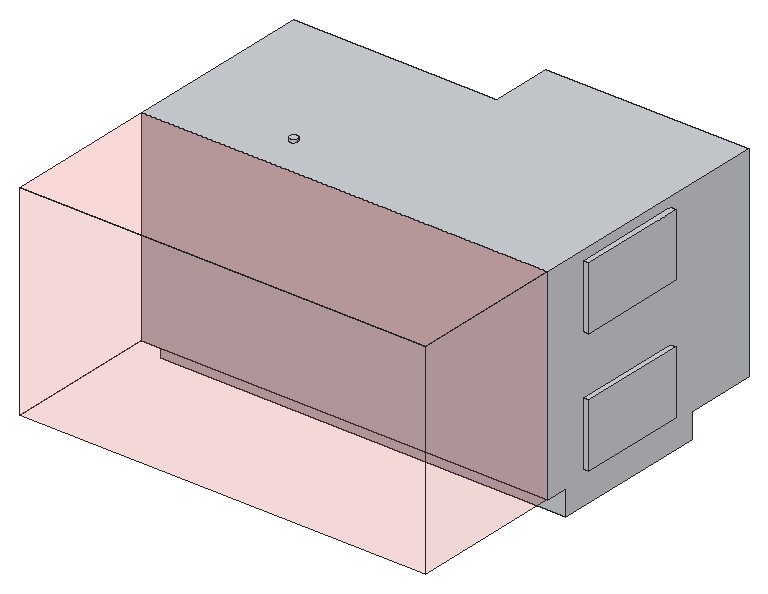
Revit family
Parameters (values of type "575 V Three Phase")
  XS4 [instance] = "XS4"
  XS3 [instance] = "XS3"
  XP5 [instance] = "XP5"
  XP3 [instance] = "XP3"
  XH5 [instance] = "XH5"
  XH3 [instance] = "XH3"
  XD4 [instance] = "XD4"
  XD3 [instance] = "XD3"
  XB4 [instance] = "XB4"
  XB3 [instance] = "XB3"
  Winter Exhaust RH Scheduled [instance] = 35
  Winter Exhaust DB Scheduled [instance] = 70
  Weight Scheduled [instance] = 1100
  Voltage Workaround = Voltage / 1 V  # 575
  Voltage Scheduled = Voltage  # 575 V
  Voltage = 575 V
  VoltAmps Workaround [instance] = Voltage Workaround * Total FLA * sqrt(Phase)  # 6373.947
  VoltAmps [instance] = VoltAmps Workaround * 1 VA  # 6373.95 VA
  URL = "http://www.renewaire.com/products/doas/indoor-models/rd2xin"
  Total FLA [instance] = Supply Motor FLA + Exhaust Motor FLA  # 6.4
  Supply Motor HP Scheduled [instance] = Supply Motor HP  # 2
  Supply Motor HP [instance] = 2  # constant formula
  Supply Motor FLA [instance] = if(and(or(Voltage = 208 V, Voltage = 230 V), Phase = 1), 9.5, if(and(or(Voltage = 208 V, Voltage = 230 V), Phase = 3), 8.1, if(and(Voltage = 460 V, Phase = 3), 4.1, if(and(Voltage = 575 V, Phase = 3), 3.2, 0))))  # 3.2
  Supply Motor Count Scheduled [instance] = Supply Motor Count  # 1
  Supply Motor Count [instance] = 1  # constant formula
  Supply ESP Scheduled [instance] = Supply ESP  # 1
  Supply ESP [instance] = 1
  Supply CFM Scheduled [instance] = Supply CFM  # 1600 CFM
  Supply CFM [instance] = 1600 CFM
  Supply Air Winter WB Scheduled [instance] = 0
  Supply Air Winter RH Scheduled [instance] = 0
  Supply Air Winter DB Scheduled [instance] = 0
  Supply Air Summer WB Scheduled [instance] = 0
  Supply Air Summer RH Scheduled [instance] = 0
  Supply Air Summer DB Scheduled [instance] = 0
  Summer Exhaust RH Scheduled [instance] = 50
  Summer Exhaust DB Scheduled [instance] = 75
  SD5 [instance] = "SD5"
  SD4 [instance] = "SD4"
  SD3 [instance] = "SD3"
  SC5 [instance] = "SC5"
  SC4 [instance] = "SC4"
  SC3 [instance] = "SC3"
  Phase Scheduled = Phase  # 3
  Phase = 3
  Outside Air Winter WB Scheduled [instance] = -1
  Outside Air Winter DB Scheduled [instance] = 0
  Outside Air Summer WB Scheduled [instance] = 78
  Outside Air Summer DB Scheduled [instance] = 95
  Number of Poles = 3
  No Coil [instance] = "--"
  Model = "RD2XIN"
  Manufacturer = "RenewAire"
  MOCP Scheduled [instance] = MOCP  # 15
  MOCP [instance] = if(and(or(Voltage = 208 V, Voltage = 230 V), Phase = 1), 30, if(and(or(Voltage = 208 V, Voltage = 230 V), Phase = 3), 20, if(and(Voltage = 460 V, Phase = 3), 15, if(and(Voltage = 575 V, Phase = 3), 15, 0))))  # 15
  MCA Scheduled [instance] = MCA  # 7.2
  MCA [instance] = if(and(or(Voltage = 208 V, Voltage = 230 V), Phase = 1), 21.4, if(and(or(Voltage = 208 V, Voltage = 230 V), Phase = 3), 18.2, if(and(Voltage = 460 V, Phase = 3), 9.2, if(and(Voltage = 575 V, Phase = 3), 7.2, 0))))  # 7.2
  Heating Water EWT Scheduled [instance] = Heating Coil EWT  # 180
  Heating Coil Scheduled [instance] = if(Heat Coil XS4, XS4, if(Heat Coil XS3, XS3, if(Heat Coil XD3, XD3, if(Heat Coil XB4, XB4, if(Heat Coil DV4, DV4, if(Heat Coil XB3, XB3, if(Heat Coil DV3, DV3, if(Heat Coil SC5, SC5, if(Heat Coil SD5, SD5, if(Heat Coil SC4, SC4, if(Heat Coil SD4, SD4, if(Heat Coil SC3, SC3, if(Heat Coil SD3, SD3, if(Heat Coil HW1, HW1, No Coil))))))))))))))  # "--"
  Heating Coil PD Scheduled [instance] = if(and(and(Winter Exhaust DB Scheduled = 70, Winter Exhaust RH Scheduled = 35), and(Outside Air Winter WB Scheduled = -1, Outside Air Winter DB Scheduled = 0)), if(or(Heat Coil SC5, Heat Coil SD5), if(Heating Water EWT Scheduled = 140, if(Supply CFM > 2000 CFM, 0, if(Supply CFM > 1500 CFM, 0.9, if(Supply CFM > 1000 CFM, 0.4, 0.2))), if(Heating Water EWT Scheduled = 180, if(Supply CFM > 2000 CFM, 0, if(Supply CFM > 1500 CFM, 0.9, if(Supply CFM > 1000 CFM, 0.4, 0.2))), 0)), if(or(Heat Coil SC4, Heat Coil SD4), if(Heating Water EWT Scheduled = 140, if(Supply CFM > 2000 CFM, 0, if(Supply CFM > 1500 CFM, 0.8, if(Supply CFM > 1000 CFM, 0.4, 0.1))), if(Heating Water EWT Scheduled = 180, if(Supply CFM > 2000 CFM, 0, if(Supply CFM > 1500 CFM, 0.7, if(Supply CFM > 1000 CFM, 0.3, 0.1))), 0)), if(or(Heat Coil SC3, Heat Coil SD3), if(Heating Water EWT Scheduled = 140, if(Supply CFM > 2000 CFM, 0, if(Supply CFM > 1500 CFM, 2.8, if(Supply CFM > 1000 CFM, 1.3, 0.5))), if(Heating Water EWT Scheduled = 180, if(Supply CFM > 2000 CFM, 0, if(Supply CFM > 1500 CFM, 2.7, if(Supply CFM > 1000 CFM, 1.3, 0.5))), 0)), if(Heat Coil HW1, if(Heating Water EWT Scheduled = 140, if(Supply CFM > 2000 CFM, 0, if(Supply CFM > 1500 CFM, 1.6, if(Supply CFM > 1000 CFM, 0.8, 0.3))), if(Heating Water EWT Scheduled = 180, if(Supply CFM > 2000 CFM, 0, if(Supply CFM > 1500 CFM, 1.6, if(Supply CFM > 1000 CFM, 0.8, 0.3))), 0)), 0)))), 0)  # 0
  Heating Coil Load Scheduled [instance] = if(and(and(Winter Exhaust DB Scheduled = 70, Winter Exhaust RH Scheduled = 35), and(Outside Air Winter WB Scheduled = -1, Outside Air Winter DB Scheduled = 0)), if(or(Heat Coil XS4, Heat Coil XD4), if(Supply CFM > 2000 CFM, 0, if(Supply CFM > 1500 CFM, 109, if(Supply CFM > 1000 CFM, 81, 59))), if(or(Heat Coil XS3, Heat Coil XD3), if(Supply CFM > 2000 CFM, 0, if(Supply CFM > 1500 CFM, 79, if(Supply CFM > 1000 CFM, 65, 48))), if(or(Heat Coil XB4, Heat Coil DV4), if(Supply CFM > 2000 CFM, 0, if(Supply CFM > 1500 CFM, 102, if(Supply CFM > 1000 CFM, 78, 56))), if(or(Heat Coil XB3, Heat Coil DV3), if(Supply CFM > 2000 CFM, 0, if(Supply CFM > 1500 CFM, 75, if(Supply CFM > 1000 CFM, 61, 46))), if(or(Heat Coil SC5, Heat Coil SD5), if(Heating Water EWT Scheduled = 140, if(Supply CFM > 2000 CFM, 0, if(Supply CFM > 1500 CFM, 151, if(Supply CFM > 1000 CFM, 107, 66))), if(Heating Water EWT Scheduled = 180, if(Supply CFM > 2000 CFM, 0, if(Supply CFM > 1500 CFM, 218, if(Supply CFM > 1000 CFM, 157, 99))), 0)), if(or(Heat Coil SC4, Heat Coil SD4), if(Heating Water EWT Scheduled = 140, if(Supply CFM > 2000 CFM, 0, if(Supply CFM > 1500 CFM, 139, if(Supply CFM > 1000 CFM, 99, 62))), if(Heating Water EWT Scheduled = 180, if(Supply CFM > 2000 CFM, 0, if(Supply CFM > 1500 CFM, 201, if(Supply CFM > 1000 CFM, 145, 92))), 0)), if(or(Heat Coil SC3, Heat Coil SD3), if(Heating Water EWT Scheduled = 140, if(Supply CFM > 2000 CFM, 0, if(Supply CFM > 1500 CFM, 130, if(Supply CFM > 1000 CFM, 94, 60))), if(Heating Water EWT Scheduled = 180, if(Supply CFM > 2000 CFM, 0, if(Supply CFM > 1500 CFM, 188, if(Supply CFM > 1000 CFM, 138, 89))), 0)), if(Heat Coil HW1, if(Heating Water EWT Scheduled = 140, if(Supply CFM > 2000 CFM, 0, if(Supply CFM > 1500 CFM, 75, if(Supply CFM > 1000 CFM, 58, 41))), if(Heating Water EWT Scheduled = 180, if(Supply CFM > 2000 CFM, 0, if(Supply CFM > 1500 CFM, 110, if(Supply CFM > 1000 CFM, 86, 61))), 0)), 0)))))))), 0)  # 0
  Heating Coil LWT [instance] = 0
  Heating Coil LAT Scheduled [instance] = if(and(and(Winter Exhaust DB Scheduled = 70, Winter Exhaust RH Scheduled = 35), and(Outside Air Winter WB Scheduled = -1, Outside Air Winter DB Scheduled = 0)), if(or(Heat Coil XS4, Heat Coil XD4), if(Supply CFM > 2000 CFM, 0, if(Supply CFM > 1500 CFM, 96, if(Supply CFM > 1000 CFM, 99.8, 107.6))), if(or(Heat Coil XS3, Heat Coil XD3), if(Supply CFM > 2000 CFM, 0, if(Supply CFM > 1500 CFM, 82.6, if(Supply CFM > 1000 CFM, 89.5, 98.1))), if(or(Heat Coil XB4, Heat Coil DV4), if(Supply CFM > 2000 CFM, 0, if(Supply CFM > 1500 CFM, 92.9, if(Supply CFM > 1000 CFM, 97.4, 105.4))), if(or(Heat Coil XB3, Heat Coil DV3), if(Supply CFM > 2000 CFM, 0, if(Supply CFM > 1500 CFM, 80.5, if(Supply CFM > 1000 CFM, 87.4, 96))), if(or(Heat Coil SC5, Heat Coil SD5), if(Heating Water EWT Scheduled = 140, if(Supply CFM > 2000 CFM, 0, if(Supply CFM > 1500 CFM, 115.4, if(Supply CFM > 1000 CFM, 115.3, 114.7))), if(Heating Water EWT Scheduled = 180, if(Supply CFM > 2000 CFM, 0, if(Supply CFM > 1500 CFM, 146.5, if(Supply CFM > 1000 CFM, 145.9, 144.5))), 0)), if(or(Heat Coil SC4, Heat Coil SD4), if(Heating Water EWT Scheduled = 140, if(Supply CFM > 2000 CFM, 0, if(Supply CFM > 1500 CFM, 109.8, if(Supply CFM > 1000 CFM, 110.3, 110.3))), if(Heating Water EWT Scheduled = 180, if(Supply CFM > 2000 CFM, 0, if(Supply CFM > 1500 CFM, 138.7, if(Supply CFM > 1000 CFM, 138.7, 138.1))), 0)), if(or(Heat Coil SC3, Heat Coil SD3), if(Heating Water EWT Scheduled = 140, if(Supply CFM > 2000 CFM, 0, if(Supply CFM > 1500 CFM, 105.8, if(Supply CFM > 1000 CFM, 107.5, 108.8))), if(Heating Water EWT Scheduled = 180, if(Supply CFM > 2000 CFM, 0, if(Supply CFM > 1500 CFM, 132.4, if(Supply CFM > 1000 CFM, 134.4, 135.7))), 0)), if(Heat Coil HW1, if(Heating Water EWT Scheduled = 140, if(Supply CFM > 2000 CFM, 0, if(Supply CFM > 1500 CFM, 80.8, if(Supply CFM > 1000 CFM, 85.6, 90.9))), if(Heating Water EWT Scheduled = 180, if(Supply CFM > 2000 CFM, 0, if(Supply CFM > 1500 CFM, 96.6, if(Supply CFM > 1000 CFM, 102.7, 109.6))), 0)), 0)))))))), 0)  # 0
  Heating Coil Fluid Type Scheduled [instance] = ""
  Heating Coil Flow Rate Scheduled [instance] = if(and(and(Winter Exhaust DB Scheduled = 70, Winter Exhaust RH Scheduled = 35), and(Outside Air Winter WB Scheduled = -1, Outside Air Winter DB Scheduled = 0)), if(or(Heat Coil SC5, Heat Coil SD5), if(Heating Water EWT Scheduled = 140, if(Supply CFM > 2000 CFM, 0, if(Supply CFM > 1500 CFM, 6.4, if(Supply CFM > 1000 CFM, 4.2, 2.4))), if(Heating Water EWT Scheduled = 180, if(Supply CFM > 2000 CFM, 0, if(Supply CFM > 1500 CFM, 6.4, if(Supply CFM > 1000 CFM, 4.2, 2.4))), 0)), if(or(Heat Coil SC4, Heat Coil SD4), if(Heating Water EWT Scheduled = 140, if(Supply CFM > 2000 CFM, 0, if(Supply CFM > 1500 CFM, 6.4, if(Supply CFM > 1000 CFM, 4.2, 2.4))), if(Heating Water EWT Scheduled = 180, if(Supply CFM > 2000 CFM, 0, if(Supply CFM > 1500 CFM, 6.4, if(Supply CFM > 1000 CFM, 4.2, 2.4))), 0)), if(or(Heat Coil SC3, Heat Coil SD3), if(Heating Water EWT Scheduled = 140, if(Supply CFM > 2000 CFM, 0, if(Supply CFM > 1500 CFM, 6.4, if(Supply CFM > 1000 CFM, 4.2, 2.4))), if(Heating Water EWT Scheduled = 180, if(Supply CFM > 2000 CFM, 0, if(Supply CFM > 1500 CFM, 6.4, if(Supply CFM > 1000 CFM, 4.2, 2.4))), 0)), if(Heat Coil HW1, if(Heating Water EWT Scheduled = 140, if(Supply CFM > 2000 CFM, 0, if(Supply CFM > 1500 CFM, 7.5, if(Supply CFM > 1000 CFM, 5, 2.9))), if(Heating Water EWT Scheduled = 180, if(Supply CFM > 2000 CFM, 0, if(Supply CFM > 1500 CFM, 7.6, if(Supply CFM > 1000 CFM, 5, 2.9))), 0)), 0)))), 0)  # 0
  Heating Coil EWT [instance] = 180
  Heat Coil XS4 [instance] = no
  Heat Coil XS3 [instance] = no
  Heat Coil XD4 [instance] = no
  Heat Coil XD3 [instance] = no
  Heat Coil XB4 [instance] = no
  Heat Coil XB3 [instance] = no
  Heat Coil SD5 [instance] = no
  Heat Coil SD4 [instance] = no
  Heat Coil SD3 [instance] = no
  Heat Coil SC5 [instance] = no
  Heat Coil SC4 [instance] = no
  Heat Coil SC3 [instance] = no
  Heat Coil HW1 [instance] = no
  Heat Coil DV4 [instance] = no
  Heat Coil DV3 [instance] = no
  HW1 [instance] = "HW1"
  HP4 [instance] = "HP4"
  HP3 [instance] = "HP3"
  FLA Scheduled [instance] = Total FLA  # 6.4
  Exhaust Motor HP Scheduled [instance] = Exhaust Motor HP  # 2
  Exhaust Motor HP [instance] = 2  # constant formula
  Exhaust Motor FLA [instance] = if(and(or(Voltage = 208 V, Voltage = 230 V), Phase = 1), 9.5, if(and(or(Voltage = 208 V, Voltage = 230 V), Phase = 3), 8.1, if(and(Voltage = 460 V, Phase = 3), 4.1, if(and(Voltage = 575 V, Phase = 3), 3.2, 0))))  # 3.2
  Exhaust Motor Count Scheduled [instance] = Exhaust Motor Count  # 1
  Exhaust Motor Count [instance] = 1  # constant formula
  Exhaust ESP Scheduled [instance] = Exhaust ESP  # 1
  Exhaust ESP [instance] = 1
  Exhaust CFM Scheduled [instance] = Exhaust CFM  # 1500 CFM
  Exhaust CFM [instance] = 1500 CFM
  Enthalpy Effect Winter Scheduled [instance] = 0
  Enthalpy Effect Summer Scheduled [instance] = 0
  Effectiveness Total Winter Scheduled [instance] = 0
  Effectiveness Total Summer Scheduled [instance] = 0
  Effectiveness Sensible Winter Scheduled [instance] = 0
  Effectiveness Sensible Summer Scheduled [instance] = 0
  DX5 [instance] = "DX5"
  DX3 [instance] = "DX3"
  DV4 [instance] = "DV4"
  DV3 [instance] = "DV3"
  DU4 [instance] = "DU4"
  DU3 [instance] = "DU3"
  DP4 [instance] = "DP4"
  DP3 [instance] = "DP3"
  DH4 [instance] = "DH4"
  DH3 [instance] = "DH3"
  DD5 [instance] = "DD5"
  DD3 [instance] = "DD3"
  Cooling Coil Scheduled [instance] = if(Cool Coil DX5, DX5, if(Cool Coil DD5, DD5, if(Cool Coil XH5, XH5, if(Cool Coil XP5, XP5, if(Cool Coil DX3, DX3, if(Cool Coil DD3, DD3, if(Cool Coil XH3, XH3, if(Cool Coil XP3, XP3, if(Cool Coil DU4, DU4, if(Cool Coil DH4, DH4, if(Cool Coil DP4, DP4, if(Cool Coil HP4, HP4, if(Cool Coil DU3, DU3, if(Cool Coil DH3, DH3, if(Cool Coil DH3, DH3, if(Cool Coil DP3, DP3, if(Cool Coil HP3, HP3, if(Cool Coil XS4, XS4, if(Cool Coil XD4, XD4, if(Cool Coil XS3, XS3, if(Cool Coil XD3, XD3, if(Cool Coil XB4, XB4, if(Cool Coil DV4, DV4, if(Cool Coil XB3, XB3, if(Cool Coil DV3, DV3, if(Cool Coil CW5, CW5, if(Cool Coil CD5, CD5, if(Cool Coil CH5, CH5, if(Cool Coil BD5, BD5, if(Cool Coil SC5, SC5, if(Cool Coil SD5, SD5, if(Cool Coil CW4, CW4, if(Cool Coil CD4, CD4, if(Cool Coil CH4, CH4, if(Cool Coil BD4, BD4, if(Cool Coil SC4, SC4, if(Cool Coil SD4, SD4, if(Cool Coil CW3, CW3, if(Cool Coil CD3, CD3, if(Cool Coil CH3, CH3, if(Cool Coil BD3, BD3, if(Cool Coil SC3, SC3, if(Cool Coil SD3, SD3, No Coil)))))))))))))))))))))))))))))))))))))))))))  # "--"
  Cooling Coil PD [instance] = if(and(Summer Exhaust DB Scheduled = 75, Summer Exhaust RH Scheduled = 50), if(or(Cool Coil CW5, or(Cool Coil CD5, or(Cool Coil CH5, or(Cool Coil BD5, or(Cool Coil SC5, Cool Coil SD5))))), if(and(Outside Air Summer DB Scheduled = 95, Outside Air Summer WB Scheduled = 78), if(Supply CFM > 2000 CFM, 0, if(Supply CFM > 1500 CFM, 13.9, if(Supply CFM > 1000 CFM, 7.5, 3.3))), if(and(Outside Air Summer DB Scheduled = 88, Outside Air Summer WB Scheduled = 77), if(Supply CFM > 2000 CFM, 0, if(Supply CFM > 1500 CFM, 13.8, if(Supply CFM > 1000 CFM, 7.5, 3.2))), 0)), if(or(Cool Coil CW4, or(Cool Coil CD4, or(Cool Coil CH4, or(Cool Coil BD4, or(Cool Coil SC4, Cool Coil SD4))))), if(and(Outside Air Summer DB Scheduled = 95, Outside Air Summer WB Scheduled = 78), if(Supply CFM > 2000 CFM, 0, if(Supply CFM > 1500 CFM, 11.7, if(Supply CFM > 1000 CFM, 6.3, 2.8))), if(and(Outside Air Summer DB Scheduled = 88, Outside Air Summer WB Scheduled = 77), if(Supply CFM > 2000 CFM, 0, if(Supply CFM > 1500 CFM, 11.6, if(Supply CFM > 1000 CFM, 6.3, 2.7))), 0)), if(or(Cool Coil CW3, or(Cool Coil CD3, or(Cool Coil CH3, or(Cool Coil BD3, or(Cool Coil SC3, Cool Coil SD3))))), if(and(Outside Air Summer DB Scheduled = 95, Outside Air Summer WB Scheduled = 78), if(Supply CFM > 2000 CFM, 0, if(Supply CFM > 1500 CFM, 0, if(Supply CFM > 1000 CFM, 23.5, 10.3))), if(and(Outside Air Summer DB Scheduled = 88, Outside Air Summer WB Scheduled = 77), if(Supply CFM > 2000 CFM, 0, if(Supply CFM > 1500 CFM, 0, if(Supply CFM > 1000 CFM, 23.3, 10.1))), 0)), 0))), 0)  # 0
  Cooling Coil Load Scheduled [instance] = if(and(Summer Exhaust DB Scheduled = 75, Summer Exhaust RH Scheduled = 50), if(or(Cool Coil DX5, or(Cool Coil DD5, or(Cool Coil XH5, Cool Coil XP5))), if(and(Outside Air Summer DB Scheduled = 95, Outside Air Summer WB Scheduled = 78), if(Supply CFM > 2000 CFM, 0, if(Supply CFM > 1500 CFM, 125, if(Supply CFM > 1000 CFM, 97, 67))), if(and(Outside Air Summer DB Scheduled = 88, Outside Air Summer WB Scheduled = 77), if(Supply CFM > 2000 CFM, 0, if(Supply CFM > 1500 CFM, 124, if(Supply CFM > 1000 CFM, 96, 67))), 0)), if(or(Cool Coil DX3, or(Cool Coil DD3, or(Cool Coil XH3, Cool Coil XP3))), if(and(Outside Air Summer DB Scheduled = 95, Outside Air Summer WB Scheduled = 78), if(Supply CFM > 2000 CFM, 0, if(Supply CFM > 1500 CFM, 102, if(Supply CFM > 1000 CFM, 81, 58))), if(and(Outside Air Summer DB Scheduled = 88, Outside Air Summer WB Scheduled = 77), if(Supply CFM > 2000 CFM, 0, if(Supply CFM > 1500 CFM, 102, if(Supply CFM > 1000 CFM, 80, 57))), 0)), if(or(Cool Coil DU4, or(Cool Coil DH4, or(Cool Coil DP4, Cool Coil HP4))), if(and(Outside Air Summer DB Scheduled = 95, Outside Air Summer WB Scheduled = 78), if(Supply CFM > 2000 CFM, 0, if(Supply CFM > 1500 CFM, 121, if(Supply CFM > 1000 CFM, 94, 66))), if(and(Outside Air Summer DB Scheduled = 88, Outside Air Summer WB Scheduled = 77), if(Supply CFM > 2000 CFM, 0, if(Supply CFM > 1500 CFM, 121, if(Supply CFM > 1000 CFM, 94, 65))), 0)), if(or(Cool Coil DU3, or(Cool Coil DH3, or(Cool Coil DP3, Cool Coil HP3))), if(and(Outside Air Summer DB Scheduled = 95, Outside Air Summer WB Scheduled = 78), if(Supply CFM > 2000 CFM, 0, if(Supply CFM > 1500 CFM, 102, if(Supply CFM > 1000 CFM, 81, 58))), if(and(Outside Air Summer DB Scheduled = 88, Outside Air Summer WB Scheduled = 77), if(Supply CFM > 2000 CFM, 0, if(Supply CFM > 1500 CFM, 102, if(Supply CFM > 1000 CFM, 80, 57))), 0)), if(or(Cool Coil XS4, Cool Coil XD4), if(and(Outside Air Summer DB Scheduled = 95, Outside Air Summer WB Scheduled = 78), if(Supply CFM > 2000 CFM, 0, if(Supply CFM > 1500 CFM, 124, if(Supply CFM > 1000 CFM, 97, 68))), if(and(Outside Air Summer DB Scheduled = 88, Outside Air Summer WB Scheduled = 77), if(Supply CFM > 2000 CFM, 0, if(Supply CFM > 1500 CFM, 123, if(Supply CFM > 1000 CFM, 96, 68))), 0)), if(or(Cool Coil XS3, Cool Coil XD3), if(and(Outside Air Summer DB Scheduled = 95, Outside Air Summer WB Scheduled = 78), if(Supply CFM > 2000 CFM, 0, if(Supply CFM > 1500 CFM, 106, if(Supply CFM > 1000 CFM, 84, 60))), if(and(Outside Air Summer DB Scheduled = 88, Outside Air Summer WB Scheduled = 77), if(Supply CFM > 2000 CFM, 0, if(Supply CFM > 1500 CFM, 106, if(Supply CFM > 1000 CFM, 84, 60))), 0)), if(or(Cool Coil XB4, Cool Coil DV4), if(and(Outside Air Summer DB Scheduled = 95, Outside Air Summer WB Scheduled = 78), if(Supply CFM > 2000 CFM, 0, if(Supply CFM > 1500 CFM, 121, if(Supply CFM > 1000 CFM, 95, 67))), if(and(Outside Air Summer DB Scheduled = 88, Outside Air Summer WB Scheduled = 77), if(Supply CFM > 2000 CFM, 0, if(Supply CFM > 1500 CFM, 120, if(Supply CFM > 1000 CFM, 94, 66))), 0)), if(or(Cool Coil XB3, Cool Coil DV3), if(and(Outside Air Summer DB Scheduled = 95, Outside Air Summer WB Scheduled = 78), if(Supply CFM > 2000 CFM, 0, if(Supply CFM > 1500 CFM, 103, if(Supply CFM > 1000 CFM, 82, 59))), if(and(Outside Air Summer DB Scheduled = 88, Outside Air Summer WB Scheduled = 77), if(Supply CFM > 2000 CFM, 0, if(Supply CFM > 1500 CFM, 103, if(Supply CFM > 1000 CFM, 82, 59))), 0)), if(or(Cool Coil CW5, or(Cool Coil CD5, or(Cool Coil CH5, or(Cool Coil BD5, or(Cool Coil SC5, Cool Coil SD5))))), if(and(Outside Air Summer DB Scheduled = 95, Outside Air Summer WB Scheduled = 78), if(Supply CFM > 2000 CFM, 0, if(Supply CFM > 1500 CFM, 123, if(Supply CFM > 1000 CFM, 92, 61))), if(and(Outside Air Summer DB Scheduled = 88, Outside Air Summer WB Scheduled = 77), if(Supply CFM > 2000 CFM, 0, if(Supply CFM > 1500 CFM, 123, if(Supply CFM > 1000 CFM, 91, 60))), 0)), if(or(Cool Coil CW4, or(Cool Coil CD4, or(Cool Coil CH4, or(Cool Coil BD4, or(Cool Coil SC4, Cool Coil SD4))))), if(and(Outside Air Summer DB Scheduled = 95, Outside Air Summer WB Scheduled = 78), if(Supply CFM > 2000 CFM, 0, if(Supply CFM > 1500 CFM, 112, if(Supply CFM > 1000 CFM, 84, 56))), if(and(Outside Air Summer DB Scheduled = 88, Outside Air Summer WB Scheduled = 77), if(Supply CFM > 2000 CFM, 0, if(Supply CFM > 1500 CFM, 111, if(Supply CFM > 1000 CFM, 83, 56))), 0)), if(or(Cool Coil CW3, or(Cool Coil CD3, or(Cool Coil CH3, or(Cool Coil BD3, or(Cool Coil SC3, Cool Coil SD3))))), if(and(Outside Air Summer DB Scheduled = 95, Outside Air Summer WB Scheduled = 78), if(Supply CFM > 2000 CFM, 0, if(Supply CFM > 1500 CFM, 0, if(Supply CFM > 1000 CFM, 79, 54))), if(and(Outside Air Summer DB Scheduled = 88, Outside Air Summer WB Scheduled = 77), if(Supply CFM > 2000 CFM, 0, if(Supply CFM > 1500 CFM, 0, if(Supply CFM > 1000 CFM, 78, 53))), 0)), 0))))))))))), 0)  # 0
  Cooling Coil LWT [instance] = 55
  Cooling Coil LAT Scheduled [instance] = if(and(Summer Exhaust DB Scheduled = 75, Summer Exhaust RH Scheduled = 50), if(or(Cool Coil DX5, or(Cool Coil DD5, or(Cool Coil XH5, Cool Coil XP5))), if(and(Outside Air Summer DB Scheduled = 95, Outside Air Summer WB Scheduled = 78), if(Supply CFM > 2000 CFM, 0, if(Supply CFM > 1500 CFM, 53.8, if(Supply CFM > 1000 CFM, 51.4, 48.6))), if(and(Outside Air Summer DB Scheduled = 88, Outside Air Summer WB Scheduled = 77), if(Supply CFM > 2000 CFM, 0, if(Supply CFM > 1500 CFM, 53.7, if(Supply CFM > 1000 CFM, 51.3, 48.5))), 0)), if(or(Cool Coil DX3, or(Cool Coil DD3, or(Cool Coil XH3, Cool Coil XP3))), if(and(Outside Air Summer DB Scheduled = 95, Outside Air Summer WB Scheduled = 78), if(Supply CFM > 2000 CFM, 0, if(Supply CFM > 1500 CFM, 58.5, if(Supply CFM > 1000 CFM, 55.9, 52.8))), if(and(Outside Air Summer DB Scheduled = 88, Outside Air Summer WB Scheduled = 77), if(Supply CFM > 2000 CFM, 0, if(Supply CFM > 1500 CFM, 58.2, if(Supply CFM > 1000 CFM, 55.7, 52.7))), 0)), if(or(Cool Coil DU4, or(Cool Coil DH4, or(Cool Coil DP4, Cool Coil HP4))), if(and(Outside Air Summer DB Scheduled = 95, Outside Air Summer WB Scheduled = 78), if(Supply CFM > 2000 CFM, 0, if(Supply CFM > 1500 CFM, 54.4, if(Supply CFM > 1000 CFM, 52, 49.3))), if(and(Outside Air Summer DB Scheduled = 88, Outside Air Summer WB Scheduled = 77), if(Supply CFM > 2000 CFM, 0, if(Supply CFM > 1500 CFM, 54.3, if(Supply CFM > 1000 CFM, 52, 49.2))), 0)), if(or(Cool Coil DU3, or(Cool Coil DH3, or(Cool Coil DP3, Cool Coil HP3))), if(and(Outside Air Summer DB Scheduled = 95, Outside Air Summer WB Scheduled = 78), if(Supply CFM > 2000 CFM, 0, if(Supply CFM > 1500 CFM, 58.5, if(Supply CFM > 1000 CFM, 55.9, 52.8))), if(and(Outside Air Summer DB Scheduled = 88, Outside Air Summer WB Scheduled = 77), if(Supply CFM > 2000 CFM, 0, if(Supply CFM > 1500 CFM, 58.2, if(Supply CFM > 1000 CFM, 55.7, 52.7))), 0)), if(or(Cool Coil XS4, Cool Coil XD4), if(and(Outside Air Summer DB Scheduled = 95, Outside Air Summer WB Scheduled = 78), if(Supply CFM > 2000 CFM, 0, if(Supply CFM > 1500 CFM, 54.2, if(Supply CFM > 1000 CFM, 51.5, 48.3))), if(and(Outside Air Summer DB Scheduled = 88, Outside Air Summer WB Scheduled = 77), if(Supply CFM > 2000 CFM, 0, if(Supply CFM > 1500 CFM, 54, if(Supply CFM > 1000 CFM, 51.4, 48.3))), 0)), if(or(Cool Coil XS3, Cool Coil XD3), if(and(Outside Air Summer DB Scheduled = 95, Outside Air Summer WB Scheduled = 78), if(Supply CFM > 2000 CFM, 0, if(Supply CFM > 1500 CFM, 58.1, if(Supply CFM > 1000 CFM, 55.3, 51.8))), if(and(Outside Air Summer DB Scheduled = 88, Outside Air Summer WB Scheduled = 77), if(Supply CFM > 2000 CFM, 0, if(Supply CFM > 1500 CFM, 57.7, if(Supply CFM > 1000 CFM, 55.1, 51.7))), 0)), if(or(Cool Coil XB4, Cool Coil DV4), if(and(Outside Air Summer DB Scheduled = 95, Outside Air Summer WB Scheduled = 78), if(Supply CFM > 2000 CFM, 0, if(Supply CFM > 1500 CFM, 54.9, if(Supply CFM > 1000 CFM, 52.1, 48.9))), if(and(Outside Air Summer DB Scheduled = 88, Outside Air Summer WB Scheduled = 77), if(Supply CFM > 2000 CFM, 0, if(Supply CFM > 1500 CFM, 54.7, if(Supply CFM > 1000 CFM, 52, 48.9))), 0)), if(or(Cool Coil XB3, Cool Coil DV3), if(and(Outside Air Summer DB Scheduled = 95, Outside Air Summer WB Scheduled = 78), if(Supply CFM > 2000 CFM, 0, if(Supply CFM > 1500 CFM, 58.7, if(Supply CFM > 1000 CFM, 55.9, 52.5))), if(and(Outside Air Summer DB Scheduled = 88, Outside Air Summer WB Scheduled = 77), if(Supply CFM > 2000 CFM, 0, if(Supply CFM > 1500 CFM, 58.3, if(Supply CFM > 1000 CFM, 55.7, 52.3))), 0)), if(or(Cool Coil CW5, or(Cool Coil CD5, or(Cool Coil CH5, or(Cool Coil BD5, or(Cool Coil SC5, Cool Coil SD5))))), if(and(Outside Air Summer DB Scheduled = 95, Outside Air Summer WB Scheduled = 78), if(Supply CFM > 2000 CFM, 0, if(Supply CFM > 1500 CFM, 53.7, if(Supply CFM > 1000 CFM, 52.5, 51.1))), if(and(Outside Air Summer DB Scheduled = 88, Outside Air Summer WB Scheduled = 77), if(Supply CFM > 2000 CFM, 0, if(Supply CFM > 1500 CFM, 53.6, if(Supply CFM > 1000 CFM, 52.4, 51.1))), 0)), if(or(Cool Coil CW4, or(Cool Coil CD4, or(Cool Coil CH4, or(Cool Coil BD4, or(Cool Coil SC4, Cool Coil SD4))))), if(and(Outside Air Summer DB Scheduled = 95, Outside Air Summer WB Scheduled = 78), if(Supply CFM > 2000 CFM, 0, if(Supply CFM > 1500 CFM, 56, if(Supply CFM > 1000 CFM, 54.6, 53.1))), if(and(Outside Air Summer DB Scheduled = 88, Outside Air Summer WB Scheduled = 77), if(Supply CFM > 2000 CFM, 0, if(Supply CFM > 1500 CFM, 55.8, if(Supply CFM > 1000 CFM, 54.5, 53))), 0)), if(or(Cool Coil CW3, or(Cool Coil CD3, or(Cool Coil CH3, or(Cool Coil BD3, or(Cool Coil SC3, Cool Coil SD3))))), if(and(Outside Air Summer DB Scheduled = 95, Outside Air Summer WB Scheduled = 78), if(Supply CFM > 2000 CFM, 0, if(Supply CFM > 1500 CFM, 0, if(Supply CFM > 1000 CFM, 56.2, 54.2))), if(and(Outside Air Summer DB Scheduled = 88, Outside Air Summer WB Scheduled = 77), if(Supply CFM > 2000 CFM, 0, if(Supply CFM > 1500 CFM, 0, if(Supply CFM > 1000 CFM, 56, 54.1))), 0)), 0))))))))))), 0)  # 0
  Cooling Coil Fluid Type Scheduled [instance] = ""
  Cooling Coil Flow Rate Scheduled [instance] = if(and(Summer Exhaust DB Scheduled = 75, Summer Exhaust RH Scheduled = 50), if(or(Cool Coil CW5, or(Cool Coil CD5, or(Cool Coil CH5, or(Cool Coil BD5, or(Cool Coil SC5, Cool Coil SD5))))), if(and(Outside Air Summer DB Scheduled = 95, Outside Air Summer WB Scheduled = 78), if(Supply CFM > 2000 CFM, 0, if(Supply CFM > 1500 CFM, 26.2, if(Supply CFM > 1000 CFM, 18.6, 11.7))), if(and(Outside Air Summer DB Scheduled = 88, Outside Air Summer WB Scheduled = 77), if(Supply CFM > 2000 CFM, 0, if(Supply CFM > 1500 CFM, 26.1, if(Supply CFM > 1000 CFM, 18.5, 11.5))), 0)), if(or(Cool Coil CW4, or(Cool Coil CD4, or(Cool Coil CH4, or(Cool Coil BD4, or(Cool Coil SC4, Cool Coil SD4))))), if(and(Outside Air Summer DB Scheduled = 95, Outside Air Summer WB Scheduled = 78), if(Supply CFM > 2000 CFM, 0, if(Supply CFM > 1500 CFM, 26.2, if(Supply CFM > 1000 CFM, 18.6, 11.7))), if(and(Outside Air Summer DB Scheduled = 88, Outside Air Summer WB Scheduled = 77), if(Supply CFM > 2000 CFM, 0, if(Supply CFM > 1500 CFM, 26.1, if(Supply CFM > 1000 CFM, 18.5, 11.5))), 0)), if(or(Cool Coil CW3, or(Cool Coil CD3, or(Cool Coil CH3, or(Cool Coil BD3, or(Cool Coil SC3, Cool Coil SD3))))), if(and(Outside Air Summer DB Scheduled = 95, Outside Air Summer WB Scheduled = 78), if(Supply CFM > 2000 CFM, 0, if(Supply CFM > 1500 CFM, 0, if(Supply CFM > 1000 CFM, 18.6, 11.7))), if(and(Outside Air Summer DB Scheduled = 88, Outside Air Summer WB Scheduled = 77), if(Supply CFM > 2000 CFM, 0, if(Supply CFM > 1500 CFM, 0, if(Supply CFM > 1000 CFM, 18.5, 11.5))), 0)), 0))), 0)  # 0
  Cooling Coil EWT [instance] = 45
  Cool Coil XS4 [instance] = no
  Cool Coil XS3 [instance] = no
  Cool Coil XP5 [instance] = no
  Cool Coil XP3 [instance] = no
  Cool Coil XH5 [instance] = no
  Cool Coil XH3 [instance] = no
  Cool Coil XD4 [instance] = no
  Cool Coil XD3 [instance] = no
  Cool Coil XB4 [instance] = no
  Cool Coil XB3 [instance] = no
  Cool Coil SD5 [instance] = no
  Cool Coil SD4 [instance] = no
  Cool Coil SD3 [instance] = no
  Cool Coil SC5 [instance] = no
  Cool Coil SC4 [instance] = no
  Cool Coil SC3 [instance] = no
  Cool Coil HP4 [instance] = no
  Cool Coil HP3 [instance] = no
  Cool Coil DX5 [instance] = no
  Cool Coil DX3 [instance] = no
  Cool Coil DV4 [instance] = no
  Cool Coil DV3 [instance] = no
  Cool Coil DU4 [instance] = no
  Cool Coil DU3 [instance] = no
  Cool Coil DP4 [instance] = no
  Cool Coil DP3 [instance] = no
  Cool Coil DH4 [instance] = no
  Cool Coil DH3 [instance] = no
  Cool Coil DD5 [instance] = no
  Cool Coil DD3 [instance] = no
  Cool Coil CW5 [instance] = no
  Cool Coil CW4 [instance] = no
  Cool Coil CW3 [instance] = no
  Cool Coil CH5 [instance] = no
  Cool Coil CH4 [instance] = no
  Cool Coil CH3 [instance] = no
  Cool Coil CD5 [instance] = no
  Cool Coil CD4 [instance] = no
  Cool Coil CD3 [instance] = no
  Cool Coil BD5 [instance] = no
  Cool Coil BD4 [instance] = no
  Cool Coil BD3 [instance] = no
  CW5 [instance] = "CW5"
  CW4 [instance] = "CW4"
  CW3 [instance] = "CW3"
  CH5 [instance] = "CH5"
  CH4 [instance] = "CH4"
  CH3 [instance] = "CH3"
  CD5 [instance] = "CD5"
  CD4 [instance] = "CD4"
  CD3 [instance] = "CD3"
  BD5 [instance] = "BD5"
  BD4 [instance] = "BD4"
  BD3 [instance] = "BD3"
Types (7): name | Voltage Workaround | Voltage Scheduled | Voltage | VoltAmps Workaround | VoltAmps | Total FLA | Supply Motor FLA | Phase Scheduled | Phase | Number of Poles | MOCP Scheduled | MOCP | MCA Scheduled | MCA | FLA Scheduled | Exhaust Motor FLA
  (no name) | 575 | 575 V | 575 V | 6373.947 | 6373.95 VA | 6.4 | 3.2 | 3 | 3 | 3 | 15 | 15 | 7.2 | 7.2 | 6.4 | 3.2
  208 V Single Phase | 208 | 208 V | 208 V | 3952 | 3952 VA | 19 | 9.5 | 1 | 1 | 2 | 30 | 30 | 21.4 | 21.4 | 19 | 9.5
  230 V Single Phase | 230 | 230 V | 230 V | 4370 | 4370 VA | 19 | 9.5 | 1 | 1 | 2 | 30 | 30 | 21.4 | 21.4 | 19 | 9.5
  208 V Three Phase | 208 | 208 V | 208 V | 5836.3184 | 5836.32 VA | 16.2 | 8.1 | 3 | 3 | 3 | 20 | 20 | 18.2 | 18.2 | 16.2 | 8.1
  230 V Three Phase | 230 | 230 V | 230 V | 6453.6213 | 6453.62 VA | 16.2 | 8.1 | 3 | 3 | 3 | 20 | 20 | 18.2 | 18.2 | 16.2 | 8.1
  460 V Three Phase | 460 | 460 V | 460 V | 6533.2956 | 6533.3 VA | 8.2 | 4.1 | 3 | 3 | 3 | 15 | 15 | 9.2 | 9.2 | 8.2 | 4.1
  575 V Three Phase | 575 | 575 V | 575 V | 6373.947 | 6373.95 VA | 6.4 | 3.2 | 3 | 3 | 3 | 15 | 15 | 7.2 | 7.2 | 6.4 | 3.2
Reference planes (in)
  plane 1 "Center (Front/Back)": y = 0
  plane 2: z = 0
  plane 3 "Center (Left/Right)": x = 0
Forms (in)
  Extrusion 1, solid
    sketch origin (0, 0, 0) x (1, 0, 0) y (0, 1, 0)
      loop
        line (-44.75, 20.875) -> (-44.75, -20.875) -> (44.75, -20.875) -> (44.75, 34.375) -> (0, 34.375) -> (0, 20.875) -> (-44.75, 20.875)
    from 5.5 to 50.625
  Extrusion 2, solid
    sketch origin (0, -1, 0) x (1, 0, 0) y (0, 1, 0)
      loop
        line (-44.75, 19.875) -> (-44.75, -14.875) -> (44.75, -14.875) -> (44.75, 19.875) -> (-44.75, 19.875)
    from 0 to 5.5
  Extrusion 3, solid
    sketch origin (0, -1, 0.5) x (0, 1, 0) y (0, 0, 1)
      loop
        line (13.75, 7) -> (13.75, 21) -> (-10.25, 21) -> (-10.25, 7) -> (13.75, 7)
    from 44.75 to 46
  Extrusion 4, solid
    sketch origin (0, -1, 27.625) x (0, 1, 0) y (0, 0, 1)
      loop
        line (13.75, 7) -> (13.75, 21) -> (-10.25, 21) -> (-10.25, 7) -> (13.75, 7)
    from 44.75 to 46
  Extrusion 5, solid
    sketch origin (0, 0, 0) x (0, 1, 0) y (0, 0, -1)
      loop
        line (13.75, -7) -> (-10.25, -7) -> (-10.25, -21) -> (13.75, -21) -> (13.75, -7)
    from 44.75 to 46
  Extrusion 6, solid
    sketch origin (0, 0, 24.625) x (0, 1, 0) y (0, 0, -1)
      loop
        line (13.75, -7) -> (-10.25, -7) -> (-10.25, -21) -> (13.75, -21) -> (13.75, -7)
    from 44.75 to 46
  Extrusion 7, solid
    sketch origin (0, 0, 0) x (1, 0, 0) y (0, 1, 0)
      loop
        circle (-18.34595, -12.08562) r 0.875
    from 50.625 to 51.125
  Extrusion 8, solid
    sketch origin (0, 0, 0) x (1, 0, 0) y (0, 1, 0)
      loop
        line (-44.75, -20.875) -> (-44.75, -54.5) -> (44.75, -54.5) -> (44.75, -20.875) -> (-44.75, -20.875)
    from 5.5 to 50.625
Cuts and joins
  joined: Extrusion 1, Extrusion 2, Extrusion 3, Extrusion 4, Extrusion 5, Extrusion 6, Extrusion 7
Lines and regions (in)
  Split face 1
    outline origin (-64.71264, 20.875, 50.625) x (-1, 0, 0) y (0, -1, 0)
      loop
        line (-22.96264, 7.125) -> (-22.96264, 31.125) -> (-36.96264, 31.125) -> (-36.96264, 7.125) -> (-22.96264, 7.125)
  Split face 2
    outline origin (-28.71264, 20.875, 50.625) x (-1, 0, 0) y (0, -1, 0)
      loop
        line (-56.46264, 8.125) -> (-56.46264, 32.125) -> (-70.46264, 32.125) -> (-70.46264, 8.125) -> (-56.46264, 8.125)
  Split face 3
    outline origin (28.78388, 18.875, 0) x (0, -1, 0) y (1, 0, 0)
      loop
        line (29.125, -70.53388) -> (29.125, -56.53388) -> (5.125, -56.53388) -> (5.125, -70.53388) -> (29.125, -70.53388)
  Split face 4
    outline origin (28.78388, 18.875, 0) x (0, -1, 0) y (1, 0, 0)
      loop
        line (29.125, -1.03388) -> (29.125, 12.96612) -> (5.125, 12.96612) -> (5.125, -1.03388) -> (29.125, -1.03388)
Dimensions and locks (in)
  equal spacing: Extrusion 1 sketch curve, plane 1 "Center (Front/Back)", Extrusion 1 sketch curve
  plane 1 "Center (Front/Back)" to Extrusion 1 sketch curve = 1' - 8 7/8"
  Extrusion 1 sketch curve to plane 3 "Center (Left/Right)" = 3' - 8 3/4"
Connectors (in)
  hvac at (-46, 1.75, 14)
    settings: on cut or joined group of Extrusion 1, Extrusion 2, Extrusion 3, Extrusion 4, Extrusion 5, Extrusion 6, Extrusion 7, index 1, duct flow 0 CFM, flow factor 0, pres drop 0.00 in-wg, loss coef 0, conn angle 0.00°, conn width 24", conn height 14", conn radius 12", duct sys type 1, conn prof type 1, flow config 0, flow direction 2, loss method 0, conn ref index -1, conn util no, is conn primary yes, conn desc ""
  hvac at (-46, 1.75, 38.625)
    settings: on cut or joined group of Extrusion 1, Extrusion 2, Extrusion 3, Extrusion 4, Extrusion 5, Extrusion 6, Extrusion 7, index 2, duct flow 0 CFM, flow factor 0, pres drop 0.00 in-wg, loss coef 0, conn angle 0.00°, conn width 24", conn height 14", conn radius 12", duct sys type 3, conn prof type 1, flow config 0, flow direction 1, loss method 0, conn ref index -1, conn util no, is conn primary no, conn desc ""
  hvac at (46, 0.75, 41.625)
    settings: on cut or joined group of Extrusion 1, Extrusion 2, Extrusion 3, Extrusion 4, Extrusion 5, Extrusion 6, Extrusion 7, index 3, duct flow 0 CFM, flow factor 0, pres drop 0.00 in-wg, loss coef 0, conn angle 0.00°, conn width 24", conn height 14", conn radius 12", duct sys type 1, conn prof type 1, flow config 0, flow direction 2, loss method 0, conn ref index -1, conn util no, is conn primary no, conn desc ""
  hvac at (46, 0.75, 14.5)
    settings: on cut or joined group of Extrusion 1, Extrusion 2, Extrusion 3, Extrusion 4, Extrusion 5, Extrusion 6, Extrusion 7, index 4, duct flow 0 CFM, flow factor 0, pres drop 0.00 in-wg, loss coef 0, conn angle 0.00°, conn width 24", conn height 14", conn radius 12", duct sys type 2, conn prof type 1, flow config 0, flow direction 1, loss method 0, conn ref index -1, conn util no, is conn primary no, conn desc ""
  electrical at (-18.34595, -12.08562, 51.125), driven by "Number of Poles", driven by "Voltage", driven by "VoltAmps"
    settings: on cut or joined group of Extrusion 1, Extrusion 2, Extrusion 3, Extrusion 4, Extrusion 5, Extrusion 6, Extrusion 7, index 5, voltage 575 V, apparent load 6373.95 VA, apparent load phase1 0 VA, apparent load phase2 0 VA, apparent load phase3 0 VA, power factor 1, load classification "HVAC", number of poles 3, system type 30, power factor state 1, is connector primary yes, connector utility no, sub classification motor no, connector description ""
  hvac at (-34.75, 1.75, 50.625)
    settings: on cut or joined group of Extrusion 1, Extrusion 2, Extrusion 3, Extrusion 4, Extrusion 5, Extrusion 6, Extrusion 7, index 6, duct flow 0 CFM, flow factor 0, pres drop 0.00 in-wg, loss coef 0, conn angle 0.00°, conn width 14", conn height 24", conn radius 12", duct sys type 3, conn prof type 1, flow config 0, flow direction 1, loss method 0, conn ref index -1, conn util no, is conn primary no, conn desc ""
  hvac at (34.75, 0.75, 50.625)
    settings: on cut or joined group of Extrusion 1, Extrusion 2, Extrusion 3, Extrusion 4, Extrusion 5, Extrusion 6, Extrusion 7, index 7, duct flow 0 CFM, flow factor 0, pres drop 0.00 in-wg, loss coef 0, conn angle 0.00°, conn width 14", conn height 24", conn radius 12", duct sys type 1, conn prof type 1, flow config 0, flow direction 2, loss method 0, conn ref index -1, conn util no, is conn primary no, conn desc ""
  hvac at (-34.75, 1.75, 0)
    settings: on cut or joined group of Extrusion 1, Extrusion 2, Extrusion 3, Extrusion 4, Extrusion 5, Extrusion 6, Extrusion 7, index 8, duct flow 0 CFM, flow factor 0, pres drop 0.00 in-wg, loss coef 0, conn angle 0.00°, conn width 14", conn height 24", conn radius 12", duct sys type 1, conn prof type 1, flow config 0, flow direction 2, loss method 0, conn ref index -1, conn util no, is conn primary no, conn desc ""
  hvac at (34.75, 1.75, 0)
    settings: on cut or joined group of Extrusion 1, Extrusion 2, Extrusion 3, Extrusion 4, Extrusion 5, Extrusion 6, Extrusion 7, index 9, duct flow 0 CFM, flow factor 0, pres drop 0.00 in-wg, loss coef 0, conn angle 0.00°, conn width 14", conn height 24", conn radius 12", duct sys type 2, conn prof type 1, flow config 0, flow direction 1, loss method 0, conn ref index -1, conn util no, is conn primary no, conn desc ""
